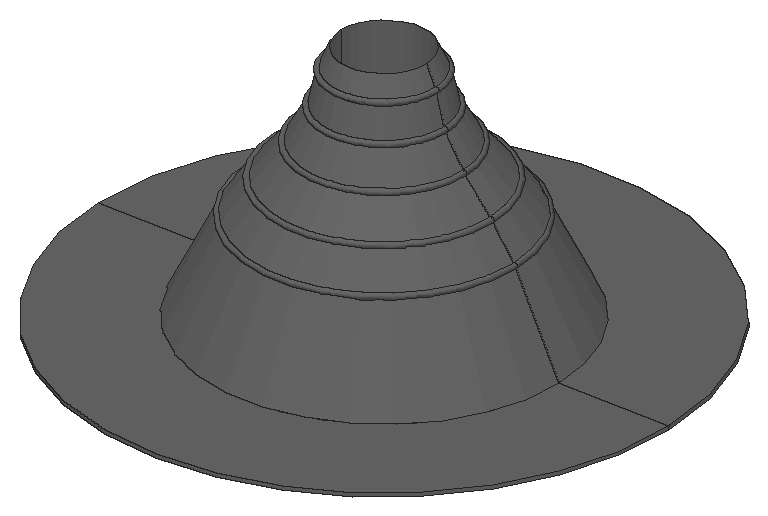
Revit family "Viking Roofspec Pipe Seal 01 M11", category Pipe Fittings, host Face, Revit 2021
Family settings
  Host = Face
  Round Connector Dimension = Use Diameter
  Part Type = Elbow
  Cut with Voids When Loaded = No
  Shared = No
Parameters (values of type "Pipe Seals SEM020 Black 25mm - 150mm (pipe size)")
  URL = "www.vikingroofspec.co.nz"
  Type Comments = "Viking Roofspec black Enviroclad pipe seal boot SEM020, installed as per manufacturers instructions."
  Pipe Diameter [instance] = 50 mm
  Model = "SEM020"
  Material Seal = Viking Roofspec - Powdercoat Black
  Manufacturer = "Viking Roofspec"  # constant formula
  Default Elevation = 0 mm
  Component = SEM020 : SEM020
Reference planes
  plane 1 "Center (Front/Back)": y = 0
  plane 2: z = 0
  plane 3 "Center (Left/Right)": x = 0
Dimensions and locks
  aligned and locked: plane 2 to host face
  aligned and locked: level to host face
Nested families
  nested 1: "SEM020" at (0, 0, 0), type <- "Component", Pipe Diameter <- "Pipe Diameter", type "SEM020"
    with Pipe Diameter 50 mm
Definition of nested family "SEM020"
  Parameters (values of type "SEM020")
    URL = "www.vikingroofspec.co.nz"
    Type Comments = "For use with Viking Epiclad / Butylclad Black Pipe Seal boot for penetration sizes 25mm - 150mm diameter, installed as per manufacturers instructions."
    Pipe Diameter [instance] = 100 mm
    Model = "SEM020"
    Material Seal = none
    Manufacturer = "Viking Roofspec"  # constant formula
    Default Elevation = 0 mm
  Reference planes
    plane 1 "Center (Front/Back)": y = 0
    plane 2: z = 0
    plane 3 "Center (Left/Right)": x = 0
  Forms (mm)
    Extrusion 1, solid
      sketch origin (0, 0, 0) x (1, 0, 0) y (0, 1, 0)
        loop
          line (-1219.2, 1219.2) -> (-1219.2, -1219.2) -> (1219.2, -1219.2) -> (1219.2, 1219.2) -> (-1219.2, 1219.2)
      from 0 to -304.8
    Revolve 2, solid, material <- "Material Seal"
      sketch origin (0, 0, 0) x (1, 0, 0) y (0, 0, 1)
        loop
          line (-77.084, 53.204) -> (-102.496, 2) -> (-167, 2) -> (-167, 0) -> (0, 0) -> (0, 170) -> (-15, 170) -> (-21, 151)
          arc (-21, 151) -> (-22.999, 150.293) -> (-22.292, 148.294) r 1.499
          line (-22.292, 148.294) -> (-30, 132)
          arc (-30, 132) -> (-31.975, 131.229) -> (-31.204, 129.254) r 1.499
          line (-31.204, 129.254) -> (-35, 113)
          arc (-35, 113) -> (-37.054, 112.473) -> (-36.527, 110.419) r 1.499
          line (-36.527, 110.419) -> (-46, 94)
          arc (-46, 94) -> (-48.047, 93.447) -> (-47.494, 91.4) r 1.499
          line (-47.494, 91.4) -> (-62, 75)
          arc (-62, 75) -> (-64.106, 74.752) -> (-63.858, 72.647) r 1.499
          line (-63.858, 72.647) -> (-76, 56)
          arc (-76, 56) -> (-77.94, 55.144) -> (-77.084, 53.204) r 1.499
        axis (0, 170) -> (0, 0)
      angle from 0 to 360
    Extrusion 3, void
      sketch origin (0, 0, 0) x (1, 0, 0) y (0, 1, 0)
        loop
          circle (0, 0) r 50
      from 0 to 170
  Cuts and joins
    Extrusion 3 cuts Revolve 2
  Dimensions and locks
    "Pipe Diameter": diameter of Extrusion 3 sketch curve
    aligned and locked: plane 2 to Extrusion 1
    aligned and locked: level to Extrusion 1
  Automatic sketch dimensions
    Extrusion 1 sketch curve to Extrusion 1 sketch curve = 2438.4 mm  (x2)
    Revolve 2 sketch curve to level = 0 mm  (x2)
    Revolve 2 sketch curve to plane 3 "Center (Left/Right)" = 0 mm  (x2)
    Revolve 2 sketch curve to Revolve 2 sketch curve = 15 mm
    Revolve 2 sketch curve to Revolve 2 sketch curve = 6 mm
    Revolve 2 sketch curve to Revolve 2 sketch curve = 0.646 mm  (x2)
    Revolve 2 sketch curve to Revolve 2 sketch curve = 7.708 mm
    Revolve 2 sketch curve to Revolve 2 sketch curve = 0.602 mm  (x2)
    Revolve 2 sketch curve to Revolve 2 sketch curve = 3.796 mm
    Revolve 2 sketch curve to Revolve 2 sketch curve = 0.764 mm  (x2)
    Revolve 2 sketch curve to Revolve 2 sketch curve = 9.473 mm
    Revolve 2 sketch curve to Revolve 2 sketch curve = 0.747 mm  (x2)
    Revolve 2 sketch curve to Revolve 2 sketch curve = 14.506 mm
    Revolve 2 sketch curve to Revolve 2 sketch curve = 0.929 mm  (x2)
    Revolve 2 sketch curve to Revolve 2 sketch curve = 12.142 mm
    Revolve 2 sketch curve to Revolve 2 sketch curve = 0.542 mm  (x2)
    level to Revolve 2 sketch curve = 2 mm
    Revolve 2 sketch curve to Revolve 2 sketch curve = 25.413 mm
    Revolve 2 sketch curve to Revolve 2 sketch curve = 64.504 mm
    level to Revolve 2 sketch curve = 53.204 mm
    Revolve 2 sketch curve to Revolve 2 sketch curve = 1.398 mm
    Revolve 2 sketch curve to Revolve 2 sketch curve = 16.647 mm
    Revolve 2 sketch curve to Revolve 2 sketch curve = 1.177 mm
    Revolve 2 sketch curve to Revolve 2 sketch curve = 16.4 mm
    Revolve 2 sketch curve to Revolve 2 sketch curve = 1.3 mm
    Revolve 2 sketch curve to Revolve 2 sketch curve = 16.419 mm
    Revolve 2 sketch curve to Revolve 2 sketch curve = 1.29 mm
    Revolve 2 sketch curve to Revolve 2 sketch curve = 16.254 mm
    Revolve 2 sketch curve to Revolve 2 sketch curve = 1.373 mm
    Revolve 2 sketch curve to Revolve 2 sketch curve = 16.294 mm
    Revolve 2 sketch curve to Revolve 2 sketch curve = 1.353 mm
    Revolve 2 sketch curve to Revolve 2 sketch curve = 19 mm
    Revolve 2 sketch curve to Revolve 2 sketch curve = 115.227 mm
    plane 1 "Center (Front/Back)" to Extrusion 3 sketch curve = 0 mm
    Extrusion 3 sketch curve to plane 3 "Center (Left/Right)" = 0 mm
